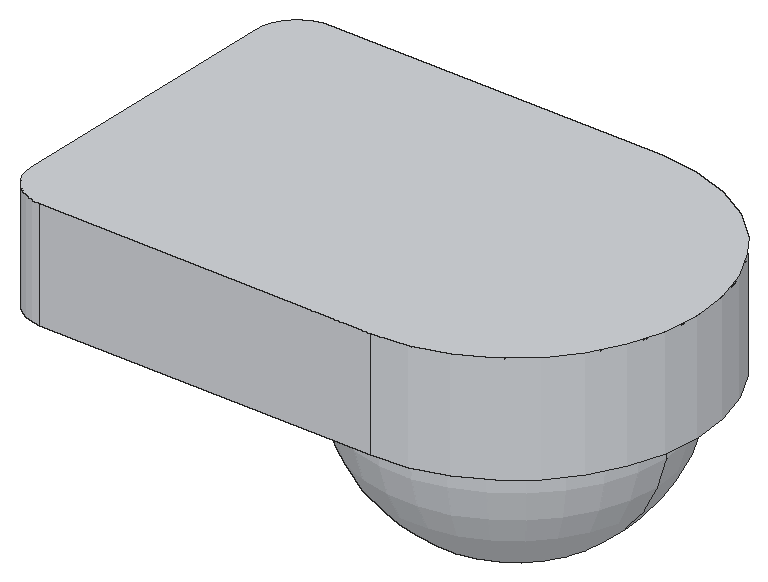
Revit family "252500.06 OSID Sender høy effekt Tak", category Fire Alarm Devices, Revit 2016
Family settings
  Maintain Annotation Orientation = No
  Part Type = Normal
  Round Connector Dimension = Use Diameter
  OmniClass Number = 23.85.30.21.11.11.11
  OmniClass Title = Smoke Detectors
  Work Plane-Based = No
  Always vertical = Yes
  Cut with Voids When Loaded = No
  Shared = No
  Room Calculation Point = No
Parameters (values of type "Linjedetektor sender")
  Type Comments = "-RY"
  R = CQ Width / 2  # 65 mm
  NVMottaker = no
  NS8360 = "5423_XN3"
  Manufacturer = "Honeywell"
  Keynote = "XN3"
  H1 = R - 10 mm  # 55 mm
  CQ Høyre = no
  CQFontSymboler = "w"
  CQ Venstre = not(CQ Høyre)  # yes
  CQ Type tekst synlig = yes
  CQ Type = "LD"
  CQ Montering tekst synlig [instance] = no
  CQ Montering [instance] = "HIM"
  CQ Material = none
  CQ Width = 130 mm
  CQ Height = 94 mm
  CQ Length = 198 mm
  CQ Coverage Circle Radius = 70000 mm
  CQ Symbol Positive Direction [instance] = yes
  CQ Symbol Offset Side [instance] = 0 mm
  CQ Symbol Offset Out [instance] = 0 mm
  CQ Coverage Circle = no
  CQ 3D Synlig = not(CQ 2D Synlig)  # no
  CQ 2D Synlig = yes
  Assembly Code = "5423"
Reference planes
  plane 1 "Center (Front/Back)": y = 0
  plane 2: z = 0
  plane 3 "Center (Left/Right)": x = 0
  plane 4: z = -94
  plane 5 "foran a": y = -65
  plane 6 "bak a": y = 65
  plane 7 "høyre": x = 99
  plane 8 "Venstre": x = -99
  plane 9: z = -45
  plane 10: z = -39
  plane 11: x = 89
  plane 12: x = 34
Forms (mm)
  Extrusion 1, solid, material <- "CQ Material"
    sketch origin (0, 0, 0) x (1, 0, 0) y (0, 1, 0)
      loop
        arc (-84, 65) -> (-94.607, 60.607) -> (-99, 50) r 15
        line (-99, 50) -> (-99, -50)
        arc (-99, -50) -> (-94.607, -60.607) -> (-84, -65) r 15
        line (-84, -65) -> (34, -65)
        arc (34, -65) -> (99, 0) -> (34, 65) r 65
        line (34, 65) -> (-84, 65)
    from 0 to -39
  Revolve 2, solid, material <- "CQ Material"
    sketch origin (0, 0, 0) x (1, 0, 0) y (0, 0, 1)
      loop
        line (34, -39) -> (34, -94)
        arc (34, -94) -> (72.891, -77.891) -> (89, -39) r 55
        line (89, -39) -> (34, -39)
      axis (34, -39) -> (34, -94)
    angle from 0 to 360
Lines and regions (mm)
  model lines, style "InvisibleLines"
    curve 1: line (0, 0, 0) -> (0, 0, 5)
Dimensions and locks
  "CQ Height": plane 2 to plane 4
  "CQ Width": plane 6 "bak a" to plane 5 "foran a"
  equal spacing: plane 6 "bak a", plane 1 "Center (Front/Back)", plane 5 "foran a"
  equal spacing: plane 8 "Venstre", plane 3 "Center (Left/Right)", plane 7 "høyre"
  "CQ Length": plane 8 "Venstre" to plane 7 "høyre"
  "H1": plane 10 to plane 4
  "H1": plane 11 to plane 12
  locked: plane 11 to plane 7 "høyre" at 10
  "R": radius of Extrusion 1 sketch curve
  radius of Extrusion 1 sketch curve = 15 mm  (x2)
  aligned and locked: level to plane 2
  aligned and locked: plane 3 "Center (Left/Right)" to nested 1
  aligned and locked: plane 1 "Center (Front/Back)" to nested 1
  aligned and locked: nested 2 to plane 3 "Center (Left/Right)"
  aligned and locked: nested 2 to plane 1 "Center (Front/Back)"
  aligned and locked: level to curve 1
  aligned and locked: plane 3 "Center (Left/Right)" to curve 1
  aligned and locked: Extrusion 1 sketch curve to plane 6 "bak a"
  aligned and locked: Extrusion 1 sketch curve to plane 8 "Venstre"
  aligned and locked: Extrusion 1 to plane 10
  aligned and locked: Revolve 2 sketch curve to plane 12
  aligned and locked: Revolve 2 sketch curve to plane 10
  aligned and locked: plane 12 to Extrusion 1 sketch curve
  aligned and locked: plane 1 "Center (Front/Back)" to Extrusion 1 sketch curve
Automatic sketch dimensions
  level to curve 1 = 5 mm
  Revolve 2 sketch curve to plane 12 = 0 mm
  Revolve 2 sketch curve to plane 11 = 0 mm
  Revolve 2 sketch curve to plane 4 = 11 mm
  level to Revolve 2 sketch curve = 5 mm
Nested families
  nested 1: "Linjedetektor Symbol" at (0, 0, 0), visible <- "CQ 2D Synlig", type "Type 1"
  nested 2: "Coverage Circle" at (0, 0, 0), visible <- "CQ Coverage Circle", type "Type 1"
Connectors
  electrical at (0, 0, 0)
    settings: index 1, voltage 0 V, apparent load 0 VA, apparent load phase1 0 VA, apparent load phase2 0 VA, apparent load phase3 0 VA, power factor 1, load classification "Other", number of poles 1, system type 11, power factor state 1, is connector primary yes, connector utility no, sub classification motor no, connector description ""
Definition of nested family "Linjedetektor Symbol"
  Parameters (values of type "Type 1")
    Type tekst synlig = yes
    Type = "LD"
    Sender = not(Mottaker)  # no
    Mottaker = yes
    Montering tekst synlig = no
    Montering = "HIM"
    CQ Symbol Positive Direction = yes
    CQ Symbol Negative Direction = not(CQ Symbol Positive Direction)  # no
    CQ Symbol Offset Side = 0 mm
    CQ Symbol Offset Out = 0 mm
  Reference planes
    plane 1: y = 0
    plane 2: x = 0
  Dimensions and locks
    "CQ Symbol Offset Side": nested 2 to plane 2
    "CQ Symbol Offset Side": plane 2 to nested 1
    "CQ Symbol Offset Out": plane 1 to nested 1
    "CQ Symbol Offset Out": plane 1 to nested 2
  Nested families
    nested 1: "Linjedetektor Sub" at (0, 0, 0), visible <- "CQ Symbol Positive Direction", type "Type1"
    nested 2: "Linjedetektor Sub" at (0, 0, 0), visible <- "CQ Symbol Negative Direction", type "Type1"
  Definition of nested family "Linjedetektor Sub"
    Parameters (values of type "Type1")
      Type tekst synlig = yes
      Type = "LD"
      Sender = yes
      Mottaker = yes
      Montering tekst synlig = no
      Montering = "HIM"
    Reference planes
      plane 1: y = 0
      plane 2: x = 0
    Lines and regions (mm)
      detail lines
        curve 1: line (-2.5, -2.5, 0) -> (2.5, -2.5, 0)
        curve 2: line (2.5, -2.5, 0) -> (2.5, 2.5, 0)
        curve 3: line (2.5, 2.5, 0) -> (-2.5, 2.5, 0)
        curve 4: line (-2.5, 2.5, 0) -> (-2.5, -2.5, 0)
        curve 5: circle (-1.25, -1.5, 0) r 0.25 normal (0, 0, 1)
        curve 6: line (-1.25, -0.75, 0) -> (-1, 1.5, 0)
        curve 7: arc (-1, 1.5, 0) -> (-1.25, 1.75, 0) -> (-1.5, 1.5, 0) r 0.25
        curve 8: line (-1.5, 1.5, 0) -> (-1.25, -0.75, 0)
        curve 9: line (-1.25, 0.5, 0) -> (-1.25, 1.5, 0)
        curve 13: line (1.25, -0.83, 0) -> (2, 0.469, 0)
        curve 14: line (1.25, -0.83, 0) -> (0.5, 0.469, 0)
        curve 15: arc (0.189, 0.231, 0) -> (1.25, 0.67, 0) -> (2.311, 0.231, 0) r 1.5
      detail lines, visible <- "Type tekst synlig"
        curve 10: line (-2.5, -4.5, 0) -> (2.5, -4.5, 0)
        curve 11: line (-2.5, -4.5, 0) -> (-2.5, -2.5, 0)
        curve 12: line (2.5, -4.5, 0) -> (2.5, -2.5, 0)
      detail lines, visible <- "Sender"
        curve 16: line (0.198, 1.5, 0) -> (2.298, 1.5, 0)
        curve 17: line (2.298, 1.5, 0) -> (1.396, 2.021, 0)
        curve 18: line (2.298, 1.5, 0) -> (1.396, 0.979, 0)
      detail lines, visible <- "Mottaker"
        curve 19: line (2.298, -1.5, 0) -> (0.198, -1.5, 0)
        curve 20: line (0.198, -1.5, 0) -> (1.101, -2.021, 0)
        curve 21: line (0.198, -1.5, 0) -> (1.101, -0.979, 0)
    Nested families
      nested 1: "txt 1_50" at (3.379, 2.424, 0), visible <- "Montering tekst synlig", Type Name <- "Montering", type "txt"
      nested 2: "txt 1_50" at (-1.901, -3.637, 0), visible <- "Type tekst synlig", Type Name <- "Type", type "txt"
        with Type Name "LD"
    Definition of nested family "txt 1_50"
      Parameters (values of type "txt")
        Type Name [instance] = "HIM"
      Reference planes
        plane 1: y = 0
        plane 2: x = 0
      Text (mm)
        label "TXT" at (1.952, 0, 0), shows "Type Name"
Definition of nested family "Coverage Circle"
  Parameters
    Radius = 3250 mm
  Reference planes
    plane 1 "Center (Front/Back)": y = 0
    plane 2: z = 0
    plane 3 "Center (Left/Right)": x = 0
  Lines and regions (mm)
    detail lines, in view "Ref. Level"
      curve 1: circle (0, 0, 0) r 3250 normal (0, 0, 1)
  Dimensions and locks
    "Radius": radius of curve 1
    aligned and locked: plane 1 "Center (Front/Back)" to curve 1
    aligned and locked: plane 3 "Center (Left/Right)" to curve 1
